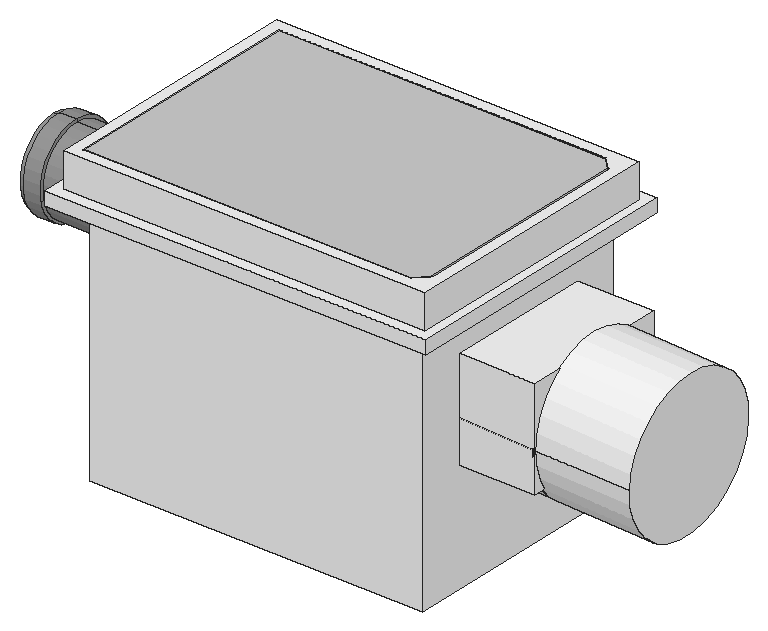
Revit family "HL_RU_Basement drain_HL77.1-A-171212", category Instalační zařizovací předměty, Revit 2021
Family settings
  Kóta kulaté spojky = Použít průměr
  Typ dílu = Normální
  Číslo OmniClass = 23.70.50.21.24.14
  Nadpis OmniClass = Deck Waste Water Drains
  Založené na pracovní rovině = Ne
  Vždy vertikální = Ano
  Ořezat dutým tvarem při načtení = Ne
  Sdílené = Ano
  Bod výpočtu místnosti = Ano
Parameters (values of type "HL_Трап для подвалов_HL77.1")
  РЕШЁТКА = "250x180mm/ ABS"
  РАЗМЕР = "DN110"
  ПРОПУСКНАЯ СПОСОБНОСТЬ [instance] = 0.0 L/s
  ПРОИЗВОДИТЕЛЬНОСТЬ = "1,58 l/s"
  ПРИЁМНОЕ ОТВЕРСТИЕ = "DN50"
  ПРАВОВАЯ ИНФОРМАЦИЯ = "\"Авторские права(©), права на дизайн или какие либо другие права интелектуальной собственности являются исключительной собственностью компании HL Hutterer & Lechner. Изменению не подлежит. Файл семейства с данными о прозводителе изделия защищен паролем с водяным знаком.\""
  ПАДЕНИЕ ДАВЛЕНИЯ [instance] = 0.0 Pa
  НОМИНАЛЬНЫЙ ДИАМЕТР 2 [instance] = 50 mm
  НОМИНАЛЬНЫЙ ДИАМЕТР = 110 mm
  МАТЕРИАЛ = "ABS"
  МАКСИМАЛЬНАЯ НАГРУЗКА КЛАССА = "K3 - 300 kg"
  ВЫСОТА МОНТАЖА = "220 mm"
  ВЕС = "2,885 kg"
  Výchozí výška = 0 mm
  Přípoj ventilace = no
  Výrobce = "HL Hutterer & Lechner GmbH"
  URL = "http://www.hutterer-lechner.com/ru/products/catalog/roof-drains/HL77.1.aspx"
  Přípoj odpadních dílů = yes
  Přípoj HW = no
  Popis = "Трап для подвалов"
  Model = "HL77.1"
  Komentáře k typům = "Трап для подвалов DN110 горизонтальный с дополнительным отводом DN50, с тройным обратным клапаном, 2 х 180х125мм синтетический материал"
  Keynote = "HL77.1"
  Высота монтажа [instance] = 0 mm
  Přípoj CW = no
  FO [instance] = FI1 + ПРОПУСКНАЯ СПОСОБНОСТЬ  # 0.0 L/s
  FI1 [instance] = 0.0 L/s
  EAN = "9003076710775"
  D2 [instance] = 220 mm
  D1 [instance] = 250.3 mm
  D [instance] = Высота монтажа + 56.6 mm  # 56.6 mm
  C [instance] = Высота монтажа + 80 mm  # 80 mm
  B [instance] = Высота монтажа + 110 mm  # 110 mm
  A [instance] = if(B - 100 mm > 15 mm, B - 100 mm, 15 mm)  # 15 mm
Reference planes
  plane 1 "Center (Front/Back)": y = 0
  plane 2: z = 0
  plane 3 "Center (Left/Right)": x = 0
  plane 4 "Ball Joint Vertical": x = 25.45
  plane 5: z = 0
  plane 6: z = -110
Lines and regions (mm)
  model lines, style "InvisibleLines"
    curve 1: line (0, 0, 0) -> (0, 0, 560)
  reference lines
    curve 2: line (220.3, 0, -110) -> (250.3, 0, -110)
    curve 6: line (-39, 0, -80) -> (-220, 0, -80)
  model lines, detail levels coarse+medium
    curve 3: line (0, 0, -110) -> (0, 0, -95)
    curve 4: line (0, 0, -95) -> (95, 0, 0)
    curve 5: line (0, 0, -95) -> (-95, 0, 0)
    curve 7: line (0, 0, -110) -> (250.3, 0, -110)
  symbolic lines, style "PlumbingFixtures", detail levels coarse+medium
    curve 8: line (-75, 75, 0) -> (75, 75, 0)
    curve 9: line (-75, -75, 0) -> (-75, 75, 0)
    curve 10: line (75, -75, 0) -> (-75, -75, 0)
    curve 11: line (75, 75, 0) -> (75, -75, 0)
    curve 12: line (-75, 75, 0) -> (-145.711, 145.711, 0)
    curve 13: line (75, 75, 0) -> (145.711, 145.711, 0)
    curve 14: line (-75, -75, 0) -> (-145.711, -145.711, 0)
    curve 15: line (75, -75, 0) -> (145.711, -145.711, 0)
  symbolic lines, style "PlumbingFixtures", not visible, detail levels coarse+medium
    curve 16: line (-75, 75, 0) -> (75, 75, 0)
    curve 17: line (-75, -75, 0) -> (-75, 75, 0)
    curve 18: line (75, -75, 0) -> (-75, -75, 0)
    curve 19: line (75, 75, 0) -> (75, -75, 0)
    curve 20: line (-75, 75, 0) -> (-145.711, 145.711, 0)
    curve 21: line (75, 75, 0) -> (145.711, 145.711, 0)
    curve 22: line (-75, -75, 0) -> (-145.711, -145.711, 0)
    curve 23: line (75, -75, 0) -> (145.711, -145.711, 0)
Text (mm)
  text "FLOOR" at (-198.233, 0, -26.556), in view "вид строительства"
Dimensions and locks
  locked: plane 4 "Ball Joint Vertical" to plane 3 "Center (Left/Right)" at 25.45
  "Высота монтажа": plane 2 to plane 5
  "A": curve 5 to plane 6
  "B": curve 5 to plane 6
  "B": curve 4 to plane 6
  "B": plane 2 to plane 6
  "C": plane 2 to curve 6
  "B": plane 2 to curve 7
  "D2": plane 3 "Center (Left/Right)" to curve 6
  "D1": curve 2 to plane 3 "Center (Left/Right)"
  "D1": curve 7 to plane 3 "Center (Left/Right)"
  locked: curve 4 to plane 3 "Center (Left/Right)" (angle 45.00°)
  locked: plane 3 "Center (Left/Right)" to curve 5 (angle 45.00°)
  aligned and locked: level to plane 2
  aligned and locked: plane 2 to curve 1
  aligned and locked: plane 3 "Center (Left/Right)" to curve 1
  aligned and locked: plane 3 "Center (Left/Right)" to curve 5
  aligned and locked: plane 6 to curve 2
  aligned and locked: plane 5 to nested 1
  aligned and locked: plane 3 "Center (Left/Right)" to nested 1
  aligned and locked: plane 3 "Center (Left/Right)" to nested 2
  aligned and locked: plane 2 to nested 2
Automatic sketch dimensions
  level to curve 1 = 560 mm
  curve 6 to plane 3 "Center (Left/Right)" = 39 mm
  curve 2 to curve 2 = 30 mm
Nested families
  nested 1: "HL-Трап для подвалов-HL77.1" at (0, 0, 0), type "HL-Трап для подвалов-HL77.1"
  nested 2: "HL-Решетка из ПП-HL077.1E" at (0, 0, 0), type "HL-Решетка из ПП-HL077.1E"
Connectors
  piping at (250.3, 0, -110), diameter 110, driven by "НОМИНАЛЬНЫЙ ДИАМЕТР", driven by "FO"
    settings: on curve 2, index 1, connector inside diameter 609.6 mm, connector length 0 mm, flow factor 0, pipe flow 0.0 L/s, pressure drop 0.0 Pa, fitting loss kfactor 0, connector angle 0.00°, fixture units 0, engagement length 0 mm, angle of deflection 0.00°, flow configuration 1, flow direction 2, fitting loss method 0, system type 16, joint type 0, gender type 0, connector reference index 2, connector utility 0, adjustable connector yes, is connector primary no, connector description ""
  piping at (-220, 0, -80), diameter 50, driven by "НОМИНАЛЬНЫЙ ДИАМЕТР 2", driven by "ПАДЕНИЕ ДАВЛЕНИЯ", driven by "FI1"
    settings: on curve 6, index 2, connector inside diameter 609.6 mm, connector length 0 mm, flow factor 1, pipe flow 0.0 L/s, pressure drop 0.0 Pa, fitting loss kfactor 0, connector angle 0.00°, fixture units 0, engagement length 0 mm, angle of deflection 0.00°, flow configuration 2, flow direction 1, fitting loss method 0, system type 16, joint type 0, gender type 0, connector reference index 1, connector utility 0, adjustable connector yes, is connector primary yes, connector description ""
Definition of nested family "HL-Трап для подвалов-HL77.1"
  Parameters (values of type "HL-Трап для подвалов-HL77.1")
    Manufacturer = ""
    Default Elevation = 0 mm
    URL = ""
    Description = ""
    Model = ""
    Type Comments = ""
    Cost = 0
  Reference planes
    plane 1 "Střed (vpředu/vzadu)": y = 0
    plane 2: z = 0
    plane 3 "Střed (vlevo/vpravo)": x = 0
  Forms (mm)
    Extrusion 1, solid, detail levels fine
      sketch origin (-5, 0, 0) x (-1, 0, 0) y (0, -1, 0)
        loop
          line (-139, 99) -> (-139, -99) -> (129, -99) -> (129, 99) -> (-139, 99)
        loop
          line (121, -91) -> (121, 91) -> (-121, 91) -> (-131, 81) -> (-131, -81) -> (-121, -91) -> (121, -91)
      from 0 to -25
    Extrusion 2, solid, detail levels fine
      sketch origin (-5, 0, -25) x (0, -1, 0) y (-1, 0, 0)
        loop
          line (-107, -146) -> (107, -146) -> (107, 136) -> (-107, 136) -> (-107, -146)
      from 0 to 10
    Extrusion 3, solid, detail levels fine
      sketch origin (-5, 0, -35) x (1, 0, 0) y (0, -1, 0)
        loop
          line (-118.5, 88) -> (-118.5, -88) -> (128.5, -88) -> (128.5, 88) -> (-118.5, 88)
      from 0 to 185
    Revolve 4, solid, detail levels fine
      sketch origin (-5, 0, 0) x (-1, 0, 0) y (0, 0, 1)
        loop
          line (215, -80) -> (215, -48.5) -> (211, -48.5) -> (211, -46.533) -> (198.5, -46.533) -> (198.5, -48.5) -> (143.04, -48.5) -> (143.04, -42.593) -> (118.5, -42.593) -> (118.5, -80) -> (215, -80)
        axis (118.5, -80) -> (215, -80)
      angle from 0 to 360
    Extrusion 5, solid, detail levels fine
      sketch origin (123.335, -86, -35.077) x (0, -1, 0) y (0, 0, -1)
        loop
          line (-141, 102) -> (-141, 28) -> (-31, 28) -> (-31, 102) -> (-141, 102)
      from 0.165 to 57
    Sweep 6, solid, detail levels fine
      path origin (-0.165, 0, -0.077) x (1, 0, 0) y (0, 0, 1)
        loop
          line (248.585, -164.848) -> (177.031, -162.349)
      profile origin (212.643, 0, -163.676) x (-0.034899, 0, -0.999391) y (0, -1, 0)
        loop
          circle (-55, 0) r 55
    Sweep 7, solid, detail levels fine
      path origin (-0.165, 0, -0.077) x (1, 0, 0) y (0, 0, 1)
        loop
          line (177.031, -162.349) -> (107.073, -159.906)
      profile origin (141.887, 0, -161.205) x (-0.034899, 0, -0.999391) y (0, -1, 0)
        loop
          line (-55, 55) -> (-55, -55)
          arc (-55, -55) -> (0, 0) -> (-55, 55) r 55
  Dimensions and locks
    aligned and locked: level to plane 2
Definition of nested family "HL-Решетка из ПП-HL077.1E"
  Parameters (values of type "HL-Решетка из ПП-HL077.1E")
    РАЗМЕР = "250x180mm"
    ПРАВОВАЯ ИНФОРМАЦИЯ = "\"Авторские права(©), права на дизайн или какие либо другие права интелектуальной собственности являются исключительной собственностью компании HL Hutterer & Lechner. Изменению не подлежит. Файл семейства с данными о прозводителе изделия защищен паролем с водяным знаком.\""
    МАТЕРИАЛ = "ABS"
    МАКСИМАЛЬНАЯ НАГРУЗКА КЛАССА = "K3 - 300kg"
    ВЕС = "0,474 kg"
    Manufacturer = "HL Hutterer & Lechner GmbH"
    Default Elevation = 0 mm
    URL = "http://www.hutterer-lechner.com/ru/products/catalog/roof-drains/HL077.1E.aspx"
    Description = "Вспомогательные материалы"
    Model = "HL077.1E"
    Type Comments = "Решетка из ПП 180х125мм с отверстием для ухода 180х125мм"
    Keynote = "HL077.1E"
    EAN = "9003076007714"
    Cost = 0
  Values of the unnamed type that differ from the named types
    ПРАВОВАЯ ИНФОРМАЦИЯ = "\"Copyright (©), design rights or any other intellectual property rights, shall be the exclusive property of HL Hutterer & Lechner GmbH. Modification is not allowed. Family has been watermarked.\""
    URL = "http://www.hutterer-lechner.com/en/products/catalog/roof-drains/HL077.1E.aspx"
    Description = "Attachments"
    Type Comments = "plastic grate 180x125mm and cleaning eye 180x125mm"
  Reference planes
    plane 1 "Střed (vpředu/vzadu)": y = 0
    plane 2: z = 0
    plane 3 "Střed (vlevo/vpravo)": x = 0
  Forms (mm)
    Extrusion 1, solid, detail levels fine
      sketch origin (0, 0, 0) x (1, 0, 0) y (0, 1, 0)
        loop
          line (-125, 90) -> (-125, -90) -> (116, -90) -> (125, -81) -> (125, 81) -> (116, 90) -> (-125, 90)
      from 0 to -25
  Lines and regions (mm)
    model lines, detail levels fine
      curve 1: line (-114.5, 12, 0) -> (-106.5, 12, 0)
      curve 2: line (-114.5, 78, 0) -> (-114.5, 12, 0)
      curve 3: line (-106.5, 78, 0) -> (-114.5, 78, 0)
      curve 4: line (-106.5, 12, 0) -> (-106.5, 78, 0)
      curve 5: line (-98.5, 12, 0) -> (-90.5, 12, 0)
      curve 6: line (-98.5, 78, 0) -> (-98.5, 12, 0)
      curve 7: line (-90.5, 78, 0) -> (-98.5, 78, 0)
      curve 8: line (-90.5, 12, 0) -> (-90.5, 78, 0)
      curve 9: line (-82.5, 12, 0) -> (-74.5, 12, 0)
      curve 10: line (-82.5, 78, 0) -> (-82.5, 12, 0)
      curve 11: line (-74.5, 78, 0) -> (-82.5, 78, 0)
      curve 12: line (-74.5, 12, 0) -> (-74.5, 78, 0)
      curve 13: line (-66.5, 12, 0) -> (-58.5, 12, 0)
      curve 14: line (-66.5, 78, 0) -> (-66.5, 12, 0)
      curve 15: line (-58.5, 78, 0) -> (-66.5, 78, 0)
      curve 16: line (-58.5, 12, 0) -> (-58.5, 78, 0)
      curve 17: line (-50.5, 12, 0) -> (-42.5, 12, 0)
      curve 18: line (-50.5, 78, 0) -> (-50.5, 12, 0)
      curve 19: line (-42.5, 78, 0) -> (-50.5, 78, 0)
      curve 20: line (-42.5, 12, 0) -> (-42.5, 78, 0)
      curve 21: line (-34.5, 12, 0) -> (-26.5, 12, 0)
      curve 22: line (-34.5, 78, 0) -> (-34.5, 12, 0)
      curve 23: line (-26.5, 78, 0) -> (-34.5, 78, 0)
      curve 24: line (-26.5, 12, 0) -> (-26.5, 78, 0)
      curve 25: line (-18.5, 12, 0) -> (-10.5, 12, 0)
      curve 26: line (-18.5, 78, 0) -> (-18.5, 12, 0)
      curve 27: line (-10.5, 78, 0) -> (-18.5, 78, 0)
      curve 28: line (-10.5, 12, 0) -> (-10.5, 78, 0)
      curve 29: line (74.5, 8, 0) -> (74.5, 1.25, 0)
      curve 30: line (74.5, 1.25, 0) -> (50.5, 1.25, 0)
      curve 31: line (50.5, 1.25, 0) -> (50.5, 8, 0)
      curve 32: arc (50.5, 8, 0) -> (62.5, 20, 0) -> (74.5, 8, 0) r 12
      curve 33: line (-114.5, -12, 0) -> (-106.5, -12, 0)
      curve 34: line (-114.5, -78, 0) -> (-114.5, -12, 0)
      curve 35: line (-106.5, -78, 0) -> (-114.5, -78, 0)
      curve 36: line (-106.5, -12, 0) -> (-106.5, -78, 0)
      curve 37: line (-98.5, -12, 0) -> (-90.5, -12, 0)
      curve 38: line (-98.5, -78, 0) -> (-98.5, -12, 0)
      curve 39: line (-90.5, -78, 0) -> (-98.5, -78, 0)
      curve 40: line (-90.5, -12, 0) -> (-90.5, -78, 0)
      curve 41: line (-82.5, -12, 0) -> (-74.5, -12, 0)
      curve 42: line (-82.5, -78, 0) -> (-82.5, -12, 0)
      curve 43: line (-74.5, -78, 0) -> (-82.5, -78, 0)
      curve 44: line (-74.5, -12, 0) -> (-74.5, -78, 0)
      curve 45: line (-66.5, -12, 0) -> (-58.5, -12, 0)
      curve 46: line (-66.5, -78, 0) -> (-66.5, -12, 0)
      curve 47: line (-58.5, -78, 0) -> (-66.5, -78, 0)
      curve 48: line (-58.5, -12, 0) -> (-58.5, -78, 0)
      curve 49: line (-50.5, -12, 0) -> (-42.5, -12, 0)
      curve 50: line (-50.5, -78, 0) -> (-50.5, -12, 0)
      curve 51: line (-42.5, -78, 0) -> (-50.5, -78, 0)
      curve 52: line (-42.5, -12, 0) -> (-42.5, -78, 0)
      curve 53: line (-34.5, -12, 0) -> (-26.5, -12, 0)
      curve 54: line (-34.5, -78, 0) -> (-34.5, -12, 0)
      curve 55: line (-26.5, -78, 0) -> (-34.5, -78, 0)
      curve 56: line (-26.5, -12, 0) -> (-26.5, -78, 0)
      curve 57: line (-18.5, -12, 0) -> (-10.5, -12, 0)
      curve 58: line (-18.5, -78, 0) -> (-18.5, -12, 0)
      curve 59: line (-10.5, -78, 0) -> (-18.5, -78, 0)
      curve 60: line (-10.5, -12, 0) -> (-10.5, -78, 0)
      curve 61: line (74.5, -8, 0) -> (74.5, -1.25, 0)
      curve 62: line (74.5, -1.25, 0) -> (50.5, -1.25, 0)
      curve 63: line (50.5, -1.25, 0) -> (50.5, -8, 0)
      curve 64: arc (50.5, -8, 0) -> (62.5, -20, 0) -> (74.5, -8, 0) r 12
  Dimensions and locks
    aligned and locked: level to plane 2
